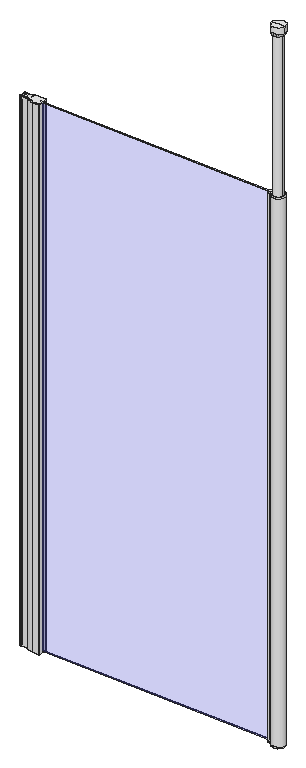
Revit family "FB2V", category Plumbing Fixtures, Revit 2015
Parameters (values of type "800")
  URL = "http://www.sanswiss.com/"
  Type Comments = "WALK IN FUN"
  Seal = Seal
  Model = "FB2V"
  Manufacturer = "SanSwiss"
  Glass = Glass
  Chrome = Chrome - Polished
  Aluminium = Aluminum - Polished
  X = 800 mm
Types (4, lengths in mm): name | X
  (no name) | 800
  700 | 700
  800 | 800
  750 | 750
Reference planes
  plane 1 "Center (Front/Back)": y = 0
  plane 2: z = 0
  plane 3 "Center (Left/Right)": x = 0
  plane 4 "left": x = -800
  plane 5: z = 1965.5
  plane 6 "stabiliser": y = 30.169
  plane 7: x = -744.225
  plane 8: z = -534.5
Forms (mm)
  Sweep 1, solid, material "Chrome - Polished" <- "Chrome"
    path origin (0, 0, 0) x (1, 0, 0) y (0, 0, 1)
      loop
        line (0, 1500) -> (0, 1503)
    profile origin (0, 0, 1501.5) x (-1, 0, 0) y (0, -1, 0)
      loop
        circle (18.5, -30.175) r 15
      loop
        line (47.5, -33.964) -> (47.5, -26.375)
        arc (47.5, -26.375) -> (47.262, -25.801) -> (46.689, -25.563) r 0.811
        line (46.689, -25.563) -> (42.965, -25.563)
        arc (42.965, -25.563) -> (38.04, -24.266) -> (34.394, -20.711) r 9.996
        arc (34.394, -20.711) -> (0.064, -30.707) -> (34.869, -38.898) r 18.486
        arc (34.869, -38.898) -> (38.427, -35.862) -> (42.976, -34.775) r 10.007
        line (42.976, -34.775) -> (46.689, -34.775)
        arc (46.689, -34.775) -> (47.263, -34.537) -> (47.5, -33.964) r 0.811
  Sweep 2, solid, material "Aluminum - Polished" <- "Aluminium"
    path origin (0, 0, 0) x (1, 0, 0) y (0, 0, 1)
      loop
        line (-800, 0) -> (-800, 1500)
    profile origin (-800, 0, 750) x (-1, 0, 0) y (0, -1, 0)
      loop
        line (-63.975, -34.016) -> (-63.975, -41.416)
        arc (-63.975, -41.416) -> (-63.536, -42.477) -> (-62.475, -42.916) r 1.5
        line (-62.475, -42.916) -> (-28.801, -42.916)
        arc (-28.801, -42.916) -> (-26.457, -42.632) -> (-24.248, -41.797) r 9.817
        arc (-24.248, -41.797) -> (-24.058, -40.885) -> (-24.863, -40.416) r 0.796
        line (-24.863, -40.416) -> (-24.863, -22.416)
        arc (-24.863, -22.416) -> (-24.071, -21.973) -> (-24.146, -21.069) r 0.838
        arc (-24.146, -21.069) -> (-34.029, -16.855) -> (-44.675, -15.416) r 40.103
        line (-44.675, -15.416) -> (-62.475, -15.416)
        arc (-62.475, -15.416) -> (-63.536, -15.855) -> (-63.975, -16.916) r 1.5
        line (-63.975, -16.916) -> (-63.975, -27.216) -> (-55.775, -27.216) -> (-55.775, -34.016) -> (-63.975, -34.016)
  Sweep 3, solid, material "Chrome - Polished" <- "Chrome"
    path origin (0, 0, 0) x (1, 0, 0) y (0, 0, 1)
      loop
        line (-800, 1503) -> (-800, 1500)
    profile origin (-800, 0, 1501.5) x (0, -1, 0) y (1, 0, 0)
      loop
        line (-42.916, 62.475) -> (-42.916, 28.801)
        arc (-42.916, 28.801) -> (-42.189, 25.116) -> (-40.191, 21.935) r 10.321
        arc (-40.191, 21.935) -> (-30.297, 18.151) -> (-21.312, 23.763) r 11.888
        arc (-21.312, 23.763) -> (-16.918, 33.788) -> (-15.416, 44.63) r 39.876
        line (-15.416, 44.63) -> (-15.416, 62.475)
        arc (-15.416, 62.475) -> (-15.855, 63.536) -> (-16.916, 63.975) r 1.5
        line (-16.916, 63.975) -> (-27.039, 63.975) -> (-41.416, 63.975)
        arc (-41.416, 63.975) -> (-42.477, 63.536) -> (-42.916, 62.475) r 1.5
  Sweep 4, solid, material "Aluminum - Polished" <- "Aluminium"
    path origin (0, 0, 0) x (1, 0, 0) y (0, 0, 1)
      loop
        line (0, 1500) -> (0, 3)
    profile origin (0, 0, 751.5) x (0, -1, 0) y (1, 0, 0)
      loop
        arc (-34.781, -46.694) -> (-33.975, -47.5) -> (-33.17, -46.694) r 0.806
        line (-33.17, -46.694) -> (-33.781, -45.821) -> (-33.292, -45.122) -> (-33.781, -44.422) -> (-33.26, -43.801) -> (-33.781, -43.057) -> (-33.273, -42.451) -> (-33.795, -39.994) -> (-26.496, -39.994) -> (-27.17, -42.506) -> (-26.581, -43.095) -> (-27.055, -43.772) -> (-26.581, -44.449) -> (-27.042, -45.106) -> (-26.581, -45.764) -> (-27.17, -46.706)
        arc (-27.17, -46.706) -> (-26.37, -47.506) -> (-25.57, -46.706) r 0.8
        line (-25.57, -46.706) -> (-25.57, -42.97)
        arc (-25.57, -42.97) -> (-24.273, -38.046) -> (-20.718, -34.399) r 9.996
        arc (-20.718, -34.399) -> (-30.714, -0.069) -> (-38.904, -34.874) r 18.486
        arc (-38.904, -34.874) -> (-35.868, -38.432) -> (-34.781, -42.981) r 10.007
        line (-34.781, -42.981) -> (-34.781, -46.694)
  Sweep 5, solid, material "Chrome - Polished" <- "Chrome"
    path origin (0, 0, 0) x (1, 0, 0) y (0, 0, 1)
      loop
        line (0, 3) -> (0, 0)
    profile origin (0, 0, 1.5) x (0, -1, 0) y (1, 0, 0)
      loop
        circle (-30.169, -18.5) r 15.002
      loop
        arc (-38.898, -34.869) -> (-35.862, -38.427) -> (-34.775, -42.976) r 10.007
        line (-34.775, -42.976) -> (-34.775, -46.689)
        arc (-34.775, -46.689) -> (-34.537, -47.263) -> (-33.964, -47.5) r 0.811
        line (-33.964, -47.5) -> (-26.375, -47.5)
        arc (-26.375, -47.5) -> (-25.801, -47.262) -> (-25.563, -46.689) r 0.811
        line (-25.563, -46.689) -> (-25.563, -42.965)
        arc (-25.563, -42.965) -> (-24.266, -38.04) -> (-20.711, -34.394) r 9.996
        arc (-20.711, -34.394) -> (-30.707, -0.064) -> (-38.898, -34.869) r 18.486
  Extrusion 6, solid, material "Glass" <- "Glass"
    sketch origin (0, 7.616, 0) x (1, 0, 0) y (0, 1, 0)
      loop
        line (-42.892, 26) -> (-744.225, 26) -> (-744.225, 20) -> (-42.892, 20) -> (-42.892, 26)
    from 1.5 to 1500.5
  Extrusion 7, solid, material "Aluminum - Polished" <- "Aluminium"
    sketch origin (0, 0, 0) x (1, 0, 0) y (0, 1, 0)
      loop
        circle (-18.5, 30.169) r 13.7
    from 1503 to 1940.5
  Revolve 8, solid, material "Chrome - Polished" <- "Chrome"
    sketch origin (0, 30.169, 0) x (-1, 0, 0) y (0, 0, 1)
      loop
        line (18.5, 1965.5) -> (-0.987, 1965.5) -> (-0.987, 1948.879)
        arc (-0.987, 1948.879) -> (0.252, 1944.089) -> (3.658, 1940.5) r 9.88
        line (3.658, 1940.5) -> (18.5, 1940.5) -> (18.5, 1965.5)
      axis (18.5, 1940.5) -> (18.5, 1965.5)
    angle from 0 to 360
  Sweep 9, solid, material "Aluminum - Polished" <- "Aluminium"
    path origin (0, 30.169, 0) x (-1, 0, 0) y (0, 0, 1)
      loop
        line (800, 1500) -> (800, 0)
    profile origin (-800, 30.169, 750) x (0, 1, 0) y (-1, 0, 0)
      loop
        arc (-7.753, -42.759) -> (-7.518, -43.565) -> (-6.887, -44.119) r 1.5
        line (-6.887, -44.119) -> (-4.753, -45.114) -> (-4.753, -42.8) -> (-6.253, -42.8) -> (-6.253, -2.8) -> (-4.853, -2.8)
        arc (-4.853, -2.8) -> (-3.773, -2.439) -> (-3.128, -1.5) r 1.795
        line (-3.128, -1.5) -> (5.683, -1.5)
        arc (5.683, -1.5) -> (6.291, -2.436) -> (7.347, -2.8) r 1.715
        line (7.347, -2.8) -> (8.747, -2.8) -> (8.747, -42.8) -> (7.247, -42.8) -> (7.247, -45.114) -> (9.492, -44.067)
        arc (9.492, -44.067) -> (10.044, -43.514) -> (10.247, -42.759) r 1.51
        line (10.247, -42.759) -> (10.247, 0.114) -> (7.147, -1.332) -> (7.147, 0) -> (-4.653, 0) -> (-4.653, -1.332) -> (-7.753, 0.114) -> (-7.753, -42.759)
  Sweep 10, solid, material "Chrome - Polished" <- "Chrome"
    path origin (0, 30.169, 0) x (-1, 0, 0) y (0, 0, 1)
      loop
        line (800, 1501.5) -> (800, 1500)
    profile origin (-800, 30.169, 1500.75) x (0, 1, 0) y (-1, 0, 0)
      loop
        line (-4.153, -0.259) -> (-6.753, -0.259)
        arc (-6.753, -0.259) -> (-7.46, -0.552) -> (-7.753, -1.259) r 1
        line (-7.753, -1.259) -> (-7.753, -27.88) -> (10.247, -27.88) -> (10.247, -1.259)
        arc (10.247, -1.259) -> (9.954, -0.552) -> (9.247, -0.259) r 1
        line (9.247, -0.259) -> (6.647, -0.259) -> (6.647, -7.459)
        arc (6.647, -7.459) -> (6.061, -8.873) -> (4.647, -9.459) r 2
        line (4.647, -9.459) -> (-2.153, -9.459)
        arc (-2.153, -9.459) -> (-3.568, -8.873) -> (-4.153, -7.459) r 2
        line (-4.153, -7.459) -> (-4.153, -0.259)
Dimensions and locks
  "X": plane 4 "left" to plane 3 "Center (Left/Right)"
  locked: plane 4 "left" to plane 7 at 55.775
  plane 5 to plane 8 = 2500 mm
  aligned and locked: level to plane 2
  aligned and locked: Extrusion 6 to plane 7
Automatic sketch dimensions
  Sweep 1 sketch curve to plane 3 "Center (Left/Right)" = 0 mm
  level to Sweep 1 sketch curve = 1500 mm
  Sweep 1 sketch curve to Sweep 1 sketch curve = 3 mm
  Sweep 2 sketch curve to plane 4 "left" = 0 mm
  Sweep 2 sketch curve to level = 0 mm
  level to Sweep 2 sketch curve = 1500 mm
  Sweep 3 sketch curve to plane 4 "left" = 0 mm
  level to Sweep 3 sketch curve = 1500 mm
  Sweep 3 sketch curve to Sweep 3 sketch curve = 3 mm
  Sweep 4 sketch curve to plane 3 "Center (Left/Right)" = 0 mm
  level to Sweep 4 sketch curve = 3 mm
  level to Sweep 4 sketch curve = 1500 mm
  Sweep 5 sketch curve to plane 3 "Center (Left/Right)" = 0 mm
  Sweep 5 sketch curve to level = 0 mm
  level to Sweep 5 sketch curve = 3 mm
  plane 4 "left" to Extrusion 6 sketch curve = 55.775 mm
  Extrusion 6 sketch curve to plane 1 "Center (Front/Back)" = 27.616 mm
  Extrusion 6 sketch curve to plane 3 "Center (Left/Right)" = 42.892 mm
  Extrusion 6 sketch curve to Extrusion 6 sketch curve = 6 mm
  Sweep 1 sketch curve to profile plane = 18.5 mm
  Sweep 1 sketch curve to Sweep 1 sketch curve = 0.044 mm
  Sweep 1 sketch curve to Sweep 1 sketch curve = 24.42 mm
  Sweep 1 sketch curve to plane 1 "Center (Front/Back)" = 15.567 mm
  Sweep 1 sketch curve to Sweep 1 sketch curve = 0.011 mm
  Sweep 1 sketch curve to Sweep 1 sketch curve = 3.724 mm
  Sweep 1 sketch curve to Sweep 1 sketch curve = 3.713 mm
  Sweep 1 sketch curve to Sweep 1 sketch curve = 0.811 mm
  Sweep 1 sketch curve to Sweep 1 sketch curve = 9.996 mm
  Sweep 1 sketch curve to plane 1 "Center (Front/Back)" = 30.175 mm
  Sweep 1 sketch curve to Sweep 1 sketch curve = 0.05 mm
  Sweep 1 sketch curve to Sweep 1 sketch curve = 7.589 mm
  Sweep 1 sketch curve to Sweep 1 sketch curve = 10.007 mm
  Sweep 1 sketch curve to Sweep 1 sketch curve = 8.107 mm
  Sweep 1 sketch curve to Sweep 1 sketch curve = 0 mm
  Sweep 5 sketch curve to plane 1 "Center (Front/Back)" = 44.782 mm
  Sweep 5 sketch curve to Sweep 5 sketch curve = 10.007 mm
  Sweep 5 sketch curve to Sweep 5 sketch curve = 0.811 mm  (x2)
  Sweep 5 sketch curve to plane 1 "Center (Front/Back)" = 30.225 mm
  Sweep 5 sketch curve to Sweep 5 sketch curve = 0.055 mm
  Sweep 5 sketch curve to Sweep 5 sketch curve = 7.589 mm
  Sweep 5 sketch curve to plane 1 "Center (Front/Back)" = 15.567 mm
  Sweep 5 sketch curve to Sweep 5 sketch curve = 3.713 mm
  Sweep 5 sketch curve to Sweep 5 sketch curve = 3.724 mm
  Sweep 5 sketch curve to Sweep 5 sketch curve = 0.013 mm
  profile plane to Sweep 5 sketch curve = 18.544 mm
  Sweep 5 sketch curve to Sweep 5 sketch curve = 0.044 mm
  Sweep 5 sketch curve to Sweep 5 sketch curve = 4.123 mm
  Sweep 5 sketch curve to Sweep 5 sketch curve = 0 mm
  Sweep 4 sketch curve to plane 1 "Center (Front/Back)" = 44.788 mm
  Sweep 4 sketch curve to Sweep 4 sketch curve = 10.007 mm
  Sweep 4 sketch curve to Sweep 4 sketch curve = 0.986 mm
  Sweep 4 sketch curve to Sweep 4 sketch curve = 1 mm  (x2)
  Sweep 4 sketch curve to Sweep 4 sketch curve = 0.194 mm
  Sweep 4 sketch curve to Sweep 4 sketch curve = 0.49 mm
  Sweep 4 sketch curve to Sweep 4 sketch curve = 0.509 mm
  Sweep 4 sketch curve to Sweep 4 sketch curve = 0.521 mm
  Sweep 4 sketch curve to Sweep 4 sketch curve = 3.564 mm
  Sweep 4 sketch curve to Sweep 4 sketch curve = 6.103 mm
  Sweep 4 sketch curve to Sweep 4 sketch curve = 0 mm
  Sweep 4 sketch curve to Sweep 4 sketch curve = 0.115 mm
  Sweep 4 sketch curve to Sweep 4 sketch curve = 0.013 mm  (x2)
  Sweep 4 sketch curve to Sweep 4 sketch curve = 0.474 mm
  Sweep 4 sketch curve to Sweep 4 sketch curve = 0.461 mm  (x2)
  Sweep 4 sketch curve to Sweep 4 sketch curve = 0.673 mm
  Sweep 4 sketch curve to Sweep 4 sketch curve = 1.011 mm
  Sweep 4 sketch curve to plane 1 "Center (Front/Back)" = 15.574 mm
  profile plane to Sweep 4 sketch curve = 46.706 mm
  Sweep 4 sketch curve to Sweep 4 sketch curve = 0.012 mm  (x2)
  Sweep 4 sketch curve to Sweep 4 sketch curve = 0.873 mm
  Sweep 4 sketch curve to Sweep 4 sketch curve = 0.942 mm
  Sweep 4 sketch curve to Sweep 4 sketch curve = 0.699 mm  (x2)
  Sweep 4 sketch curve to Sweep 4 sketch curve = 0.658 mm  (x2)
  Sweep 4 sketch curve to Sweep 4 sketch curve = 0.621 mm
  Sweep 4 sketch curve to Sweep 4 sketch curve = 0.677 mm  (x2)
  Sweep 4 sketch curve to Sweep 4 sketch curve = 0.744 mm
  Sweep 4 sketch curve to Sweep 4 sketch curve = 0.076 mm
  Sweep 4 sketch curve to Sweep 4 sketch curve = 3.736 mm
  Sweep 4 sketch curve to Sweep 4 sketch curve = 0.589 mm
  Sweep 4 sketch curve to Sweep 4 sketch curve = 0.606 mm
  Sweep 4 sketch curve to Sweep 4 sketch curve = 2.457 mm
  profile plane to Sweep 4 sketch curve = 18.549 mm
  Sweep 4 sketch curve to Sweep 4 sketch curve = 5.109 mm
  Sweep 4 sketch curve to Sweep 4 sketch curve = 0.806 mm
  Sweep 4 sketch curve to Sweep 4 sketch curve = 0.8 mm
  Extrusion 7 sketch curve to plane 6 "stabiliser" = 0 mm
  Extrusion 7 sketch curve to plane 3 "Center (Left/Right)" = 18.5 mm
  Revolve 8 sketch curve to plane 5 = 0 mm  (x2)
  plane 3 "Center (Left/Right)" to Revolve 8 sketch curve = 0.987 mm
  Revolve 8 sketch curve to plane 3 "Center (Left/Right)" = 3.658 mm
  Revolve 8 sketch curve to plane 3 "Center (Left/Right)" = 8.894 mm
  Revolve 8 sketch curve to plane 5 = 16.621 mm
  Revolve 8 sketch curve to plane 3 "Center (Left/Right)" = 18.5 mm
  Revolve 8 sketch curve to Revolve 8 sketch curve = 0 mm  (x2)
  Sweep 3 sketch curve to plane 1 "Center (Front/Back)" = 55.293 mm
  Sweep 3 sketch curve to Sweep 3 sketch curve = 12.376 mm
  Sweep 3 sketch curve to Sweep 3 sketch curve = 1.5 mm  (x2)
  Sweep 3 sketch curve to Sweep 3 sketch curve = 10.32 mm
  Sweep 3 sketch curve to Sweep 3 sketch curve = 1.153 mm
  Sweep 3 sketch curve to Sweep 3 sketch curve = 14.377 mm
  Sweep 3 sketch curve to Sweep 3 sketch curve = 10.123 mm
  Sweep 3 sketch curve to profile plane = 28.922 mm
  Sweep 3 sketch curve to Sweep 3 sketch curve = 1.061 mm
  Sweep 3 sketch curve to Sweep 3 sketch curve = 14.646 mm
  Sweep 3 sketch curve to Sweep 3 sketch curve = 17.846 mm
  Sweep 3 sketch curve to Sweep 3 sketch curve = 2.725 mm
  Sweep 3 sketch curve to Sweep 3 sketch curve = 0 mm
  profile plane to Sweep 2 sketch curve = 63.975 mm
  Sweep 2 sketch curve to Sweep 2 sketch curve = 0 mm
  Sweep 2 sketch curve to Sweep 2 sketch curve = 1.5 mm  (x2)
  Sweep 2 sketch curve to Sweep 2 sketch curve = 8.2 mm
  Sweep 2 sketch curve to Sweep 2 sketch curve = 11.1 mm
  Sweep 2 sketch curve to Sweep 2 sketch curve = 15.874 mm
  Sweep 2 sketch curve to Sweep 2 sketch curve = 3.938 mm
  Sweep 2 sketch curve to Sweep 2 sketch curve = 0.051 mm
  Sweep 2 sketch curve to Sweep 2 sketch curve = 0.078 mm
  Sweep 2 sketch curve to plane 1 "Center (Front/Back)" = 55.519 mm
  Sweep 2 sketch curve to Sweep 2 sketch curve = 12.603 mm
  Sweep 2 sketch curve to Sweep 2 sketch curve = 1.708 mm
  Sweep 2 sketch curve to Sweep 2 sketch curve = 0.792 mm
  Sweep 2 sketch curve to Sweep 2 sketch curve = 7.4 mm
  Sweep 2 sketch curve to Sweep 2 sketch curve = 7.317 mm
  Sweep 2 sketch curve to Sweep 2 sketch curve = 6.8 mm
  Sweep 2 sketch curve to Sweep 2 sketch curve = 10.683 mm
  Sweep 2 sketch curve to Sweep 2 sketch curve = 0.837 mm
  Sweep 2 sketch curve to Sweep 2 sketch curve = 10.3 mm
  Sweep 9 sketch curve to level = 0 mm
  Sweep 9 sketch curve to plane 4 "left" = 0 mm
  Sweep 9 sketch curve to plane 5 = 465.5 mm
  Sweep 9 sketch curve to profile plane = 0.114 mm  (x2)
  Sweep 9 sketch curve to plane 6 "stabiliser" = 7.753 mm
  Sweep 9 sketch curve to Sweep 9 sketch curve = 0.866 mm
  Sweep 9 sketch curve to Sweep 9 sketch curve = 0.634 mm
  Sweep 9 sketch curve to Sweep 9 sketch curve = 0 mm  (x2)
  profile plane to Sweep 9 sketch curve = 2.8 mm  (x2)
  Sweep 9 sketch curve to Sweep 9 sketch curve = 1.4 mm
  Sweep 9 sketch curve to Sweep 9 sketch curve = 1.5 mm
  Sweep 9 sketch curve to Sweep 9 sketch curve = 0.2 mm  (x2)
  profile plane to Sweep 9 sketch curve = 1.5 mm
  Sweep 9 sketch curve to Sweep 9 sketch curve = 1.525 mm
  Sweep 9 sketch curve to Sweep 9 sketch curve = 8.811 mm
  Sweep 9 sketch curve to Sweep 9 sketch curve = 1.464 mm
  Sweep 9 sketch curve to Sweep 9 sketch curve = 12 mm
  Sweep 9 sketch curve to Sweep 9 sketch curve = 1.49 mm
  Sweep 9 sketch curve to Sweep 9 sketch curve = 0.01 mm
  Sweep 9 sketch curve to Sweep 9 sketch curve = 0.745 mm
  Sweep 9 sketch curve to Sweep 9 sketch curve = 3.1 mm
  Sweep 9 sketch curve to Sweep 9 sketch curve = 39.959 mm
  Sweep 9 sketch curve to Sweep 9 sketch curve = 0.041 mm  (x2)
  Sweep 9 sketch curve to Sweep 9 sketch curve = 2.314 mm  (x2)
  Sweep 9 sketch curve to Sweep 9 sketch curve = 0.246 mm
  Sweep 9 sketch curve to Sweep 9 sketch curve = 0.326 mm
  Sweep 9 sketch curve to Sweep 9 sketch curve = 1.005 mm
  Sweep 10 sketch curve to plane 4 "left" = 0 mm
  Sweep 10 sketch curve to plane 5 = 465.5 mm
  Sweep 10 sketch curve to Sweep 10 sketch curve = 1.5 mm
  Sweep 10 sketch curve to plane 6 "stabiliser" = 7.753 mm
  Sweep 10 sketch curve to Sweep 10 sketch curve = 1 mm  (x2)
  Sweep 10 sketch curve to Sweep 10 sketch curve = 2.6 mm  (x2)
  Sweep 10 sketch curve to Sweep 10 sketch curve = 2 mm  (x2)
  Sweep 10 sketch curve to Sweep 10 sketch curve = 6.8 mm
  profile plane to Sweep 10 sketch curve = 27.88 mm
  Sweep 10 sketch curve to Sweep 10 sketch curve = 18.421 mm
  Sweep 10 sketch curve to Sweep 10 sketch curve = 6.2 mm  (x2)
  radius of Sweep 1 sketch curve = 15 mm
  radius of Sweep 5 sketch curve = 15.002 mm
  radius of Extrusion 7 sketch curve = 13.7 mm
